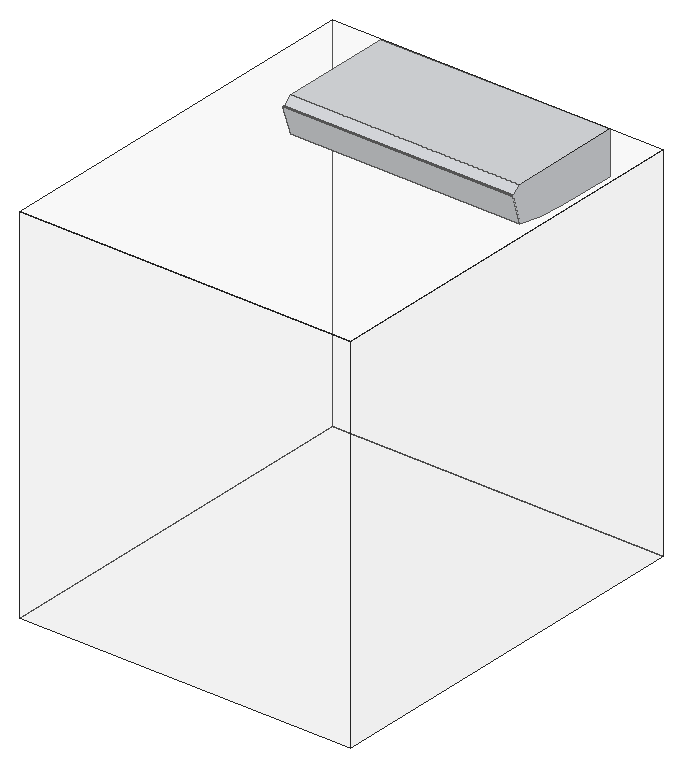
Revit family "pczg-p2_5mka13_50hz", category 機械設備, Revit 2019
Family settings
  丸型コネクタ寸法 = 直径を使用
  パーツ タイプ = 標準
  OmniClass 番号 = 23.75.10.24.21.27.27
  OmniClass タイトル = Split System Air Conditioning Units
  作業面ベース = いいえ
  常に垂直 = はい
  ロード時にボイドで切り取り = いいえ
  共有 = いいえ
  部屋計算ポイント = はい
Parameters (values of type "天吊_PCZG-P2MKA13")
  風量（弱）（m3／min） = 13
  風量（中2）（m3／min） = 14
  風量（中1）（m3／min） = 15
  風量（m3／min） = 17
  風量 = MAX風量  # 1020.0 m³/h
  音響パワーレベル（弱）(dB) = 49
  音響パワーレベル（中2）(dB) = 51
  音響パワーレベル（中1）(dB) = 53
  音響パワーレベル(dB) = 55
  電源種別 = ""
  電源_H = 0 mm
  電圧 = 200 V
  電動機出力_送風機 = 0.095 kW
  運転質量 = 0.00 kg
  連動 = ""
  質量 = if(製品質量 > 運転質量, 製品質量, 運転質量) * 1.2  # 37.20 kg
  負荷分類 = 3_ファン類
  説明 = "店舗・事務所用パッケージエアコン(Mr.SLIM) [本体] 天吊形室内機"
  設計暖房能力 = 0.00 kW
  設計冷房能力_顕熱 = 0 kW
  設計冷房能力 = 0 kW
  設置方法 = "天井吊形"
  記号 = ""
  製造元 = "三菱電機株式会社"
  製品質量 = 31.00 kg
  製品出荷対象 = "国内"
  製品リリース年月 = ""
  製品グループ = ""
  背面_液管接続口 = 184 mm
  背面_ドレン管接続口 = 233 mm
  背面_ガス管接続口 = 203 mm
  系統 = ""
  符号 = "ACP-CR"
  積算_科目 = "1 空気調和設備"
  積算_拾い区分 [instance] = ""
  相 = 1
  盤記号 = ""
  発停方法 = "付属スイッチ"
  特殊仕様 = ""
  点検口離隔 [instance] = if(点検口離隔入力値 > 200 mm, 200 mm, if(点検口離隔入力値 < 150 mm, 150 mm, 点検口離隔入力値))  # 150 mm
  点検口離隔入力値 [instance] = 0 mm
  点検口設置範囲 = 0 mm
  点検口 = yes
  火災停止 = ""
  消費電力_暖房 = 0.06 kW
  消費電力_冷房 = 0.07 kW
  消費電力 = if(消費電力_冷房 > 消費電力_暖房, 消費電力_冷房, 消費電力_暖房)  # 0.07 kW
  法定耐用年数 = "6"
  極数 = 1
  材質 = ""
  本体マテリアル = none
  有効加湿量 = 0
  暖房能力 = 5.60 kW
  推奨ブレーカー容量 = 15 A
  形式_加湿器 = ""
  形式 = "天井吊（露出）形"
  幹線記号 = ""
  始動方式 = "直入"
  呼称 = "室内機_天井吊(露出)形"
  周波数 = 50 Hz
  吊り位置Y = 320 mm
  吊り位置X = 1237 mm
  吊りボルト_H = 50 mm
  台数_手元リモコン = ""
  台数_冷媒分岐ユニット = ""
  参照している仕様書等のバージョン = "公共建築物標準仕様書（機械設備工事編）平成31年度版"
  加湿給水管径 = 0 mm
  分類コード = "50053003221080"
  分類グループ = ""
  冷房能力 = 4.9 kW
  冷媒高低圧ガス管径 = 0 mm
  冷媒管径符号 = "Ac"
  冷媒管径 = 100 mm
  冷媒液管高さ = 126 mm
  冷媒液管径 = 6.4 mm
  冷媒ガス管高さ = 126 mm
  冷媒ガス管径 = 12.7 mm
  価格 = 0
  企業コード = "108420"
  付属品_フィルター = ""
  付属品 = ""
  仕様書バージョン = "Version1.0"
  モデル = "PCZG-P2MKA13"
  パネルマテリアル = none
  ドレン管高さ = 190 mm
  ドレン管径 (外径) = 26 mm
  ドレン管径 = 20 mm
  サービススペース = yes
  コメント [instance] = ""
  ケーブル種類1 = ""
  ケーブルサイズ1 = 1.6 mm
  【値が 0 の項目は組合せ形名にてご確認ください】 = ""
  Width = 1280 mm
  Version = ""
  Uniclass2015Version = "Systems v1.9"
  Uniclass2015Title = "Split coil remote air cooled condensing units"
  Uniclass2015Code = "Pr_70_65_03_84"
  URL = "https://www.mitsubishielectric.co.jp/ldg/wink/ssl/displayProduct.do?pid=311374&ccd=20201061"
  SpecificationReference = ""
  SpecificationDescription = ""
  Revision = ""
  ProductInformation = ""
  OmniClassCode = "23-33 17 13 11"
  MIN風量 = 風量（弱）（m3／min） * 60.0 m³/h  # 780.0 m³/h
  MID風量2 = 風量（中2）（m3／min） * 60.0 m³/h  # 840.0 m³/h
  MID風量 = 風量（中1）（m3／min） * 60.0 m³/h  # 900.0 m³/h
  MAX風量 = 風量（m3／min） * 60.0 m³/h  # 1020.0 m³/h
  IfcTypeProduct = ""
  IfcProduct = ""
  IfcExportType = "AIRCONDITIONINGUNIT"
  IfcExportAs = "IfcUnitaryEquipmentType"
  Height_本体 = 230 mm
  Height = Height_本体 + 6 mm  # 236 mm
  Depth = 680 mm
  Clearance Top = 1 mm
  Clearance Right = 300 mm
  Clearance Left = 270 mm
  Clearance Front = 1500 mm
  Clearance Bottom = 1800 mm
  Clearance Back = 0 mm
  Author = "三菱電機株式会社"
Types (5, lengths in mm): name | 風量（弱）（m3／min） | 風量（中2）（m3／min） | 風量（中1）（m3／min） | 風量（m3／min） | 風量 | 音響パワーレベル（弱）(dB) | 音響パワーレベル（中2）(dB) | 音響パワーレベル（中1）(dB) | 音響パワーレベル(dB) | 電動機出力_送風機 | 質量 | 製品質量 | 背面_液管接続口 | 背面_ガス管接続口 | 消費電力_暖房 | 消費電力_冷房 | 消費電力 | 暖房能力 | 推奨ブレーカー容量 | 吊り位置X | 冷房能力 | 冷媒管径符号 | 冷媒液管径 | 冷媒ガス管径 | モデル | Width | URL | MIN風量 | MID風量2 | MID風量 | MAX風量
  (no name) | 13 | 14 | 15 | 17 | 1020.0 m³/h | 49 | 51 | 53 | 55 | 0.095 kW | 37.20 kg | 31.00 kg | 184 | 203 | 0.06 kW | 0.07 kW | 0.07 kW | 5.60 kW | 15 A | 1237 | 4.9 kW | "Ac" | 6.4 | 12.7 | "PCZG-P2MKA13" | 1280 | "https://www.mitsubishielectric.co.jp/ldg/wink/ssl/displayProduct.do?pid=311374&ccd=20201061" | 780.0 m³/h | 840.0 m³/h | 900.0 m³/h | 1020.0 m³/h
  天吊_PCZG-P3MKA13 | 26 | 28 | 32 | 35 | 2100.0 m³/h | 54 | 57 | 59 | 62 | 0.16 kW | 43.20 kg | 36.00 kg | 180 | 200 | 0.20 kW | 0.19 kW | 0.20 kW | 9.00 kW | 20 A | 1557 | 8 kW | "Bd" | 9.5 | 15.9 | "PCZG-P3MKA13" | 1600 | "https://www.mitsubishielectric.co.jp/ldg/wink/ssl/displayProduct.do?pid=311375&ccd=20201061" | 1560.0 m³/h | 1680.0 m³/h | 1920.0 m³/h | 2100.0 m³/h
  天吊_PCZG-P2MKA13 | 13 | 14 | 15 | 17 | 1020.0 m³/h | 49 | 51 | 53 | 55 | 0.095 kW | 37.20 kg | 31.00 kg | 184 | 203 | 0.06 kW | 0.07 kW | 0.07 kW | 5.60 kW | 15 A | 1237 | 4.9 kW | "Ac" | 6.4 | 12.7 | "PCZG-P2MKA13" | 1280 | "https://www.mitsubishielectric.co.jp/ldg/wink/ssl/displayProduct.do?pid=311374&ccd=20201061" | 780.0 m³/h | 840.0 m³/h | 900.0 m³/h | 1020.0 m³/h
  天吊_PCZG-P4MKA13 | 28 | 31 | 33 | 35 | 2100.0 m³/h | 58 | 59 | 62 | 64 | 0.16 kW | 45.60 kg | 38.00 kg | 180 | 200 | 0.22 kW | 0.21 kW | 0.22 kW | 11.20 kW | 30 A | 1557 | 10 kW | "Bd" | 9.5 | 15.9 | "PCZG-P4MKA13" | 1600 | "https://www.mitsubishielectric.co.jp/ldg/wink/ssl/displayProduct.do?pid=311376&ccd=20201061" | 1680.0 m³/h | 1860.0 m³/h | 1980.0 m³/h | 2100.0 m³/h
  天吊_PCZG-P5MKA13 | 28 | 31 | 33 | 35 | 2100.0 m³/h | 58 | 59 | 62 | 65 | 0.16 kW | 46.80 kg | 39.00 kg | 180 | 200 | 0.22 kW | 0.21 kW | 0.22 kW | 14.00 kW | 30 A | 1557 | 11.1 kW | "Bd" | 9.5 | 15.9 | "PCZG-P5MKA13" | 1600 | "https://www.mitsubishielectric.co.jp/ldg/wink/ssl/displayProduct.do?pid=311377&ccd=20201061" | 1680.0 m³/h | 1860.0 m³/h | 1980.0 m³/h | 2100.0 m³/h
Reference planes
  plane 1 "中心(正面/背面)": y = 0
  plane 2: z = 0
  plane 3 "中心(左/右)": x = 0
  plane 4: z = 236
  plane 5: y = 260
  plane 6: y = -60
  plane 7: y = 340
  plane 8: y = -340
  plane 9: x = -640
  plane 10: x = 640
  plane 11: x = -910
  plane 12: x = 940
  plane 13 "back": y = 340
  plane 14: y = -1840
  plane 15: z = 237
  plane 16: z = -1800
  plane 17: x = 554
  plane 18: x = 469
  plane 19: z = 110
  plane 20 "液管": y = 156
  plane 21: y = 340
  plane 22 "ガス管": y = 137
  plane 23 "ドレン管": y = 107
  plane 24: x = 502
  plane 25: z = 46
  plane 26: x = -565
  plane 27: x = 511.5
Forms (mm)
  Extrusion 1, solid, detail levels fine
    sketch origin (0, 156, 0) x (0, 0, -1) y (1, 0, 0)
      loop
        circle (-110, 469) r 3.175
    from 0 to 100
  Extrusion 2, solid, detail levels fine
    sketch origin (0, 137, 0) x (0, 0, -1) y (1, 0, 0)
      loop
        circle (-110, 554) r 6.35
    from 0 to 100
  Extrusion 3, solid, detail levels fine
    sketch origin (0, 107, 0) x (0, 0, -1) y (1, 0, 0)
      loop
        circle (-46, 502) r 13
    from 0 to 100
  Extrusion 4, solid, detail levels fine
    sketch origin (0, 107, 0) x (0, 0, -1) y (1, 0, 0)
      loop
        circle (-46, -565) r 13
    from 0 to 100
  Extrusion 5, solid, detail levels fine
    sketch origin (0, 137, 0) x (0, 0, -1) y (1, 0, 0)
      loop
        circle (-110, 511.5) r 50
    from 0 to 120
Dimensions and locks
  "吊り位置Y": plane 6 to plane 5
  equal spacing: plane 8, plane 1 "中心(正面/背面)", plane 7
  "Depth": plane 8 to plane 7
  equal spacing: plane 9, plane 3 "中心(左/右)", plane 10
  "Width": plane 9 to plane 10
  "Clearance Back": plane 7 to plane 13 "back"
  "Clearance Front": plane 14 to plane 8
  "Clearance Right": plane 10 to plane 12
  "Clearance Left": plane 11 to plane 9
  "Height": plane 4 to level
  locked: plane 5 to plane 7 at 80
  "Clearance Bottom": level to plane 16
  "Clearance Top": plane 15 to plane 4
  plane 10 to plane 9 = 1280 mm
  "背面_液管接続口": plane 20 "液管" to plane 21
  "背面_ガス管接続口": plane 22 "ガス管" to plane 21
  "背面_ドレン管接続口": plane 23 "ドレン管" to plane 21
  "冷媒ガス管高さ": plane 4 to plane 19
  "ドレン管高さ": plane 4 to plane 25
  plane 17 to plane 27 to plane 18 = 42.5 mm, 42.5 mm
  locked: plane 10 to plane 17 at 86
  locked: plane 17 to plane 18 at 85
  locked: plane 10 to plane 24 at 138
  locked: plane 26 to plane 9 at 75
  diameter of Extrusion 2 = 12.7 mm
  diameter of Extrusion 1 = 6.35 mm
  "ドレン管径 (外径)": diameter of Extrusion 3
  "ドレン管径 (外径)": diameter of Extrusion 4
  aligned and locked: level to plane 2
  aligned and locked: nested 2 to plane 5
  aligned and locked: plane 6 to nested 2
  aligned and locked: nested 1 to plane 11
  aligned and locked: nested 1 to plane 12
  aligned and locked: plane 14 to nested 1
  aligned and locked: plane 13 "back" to nested 1
  aligned and locked: plane 15 to nested 1
  aligned and locked: plane 1 "中心(正面/背面)" to nested 3
  aligned and locked: plane 3 "中心(左/右)" to nested 3
  aligned and locked: plane 16 to nested 1
  aligned and locked: Extrusion 1 to plane 20 "液管"
  aligned and locked: Extrusion 2 to plane 22 "ガス管"
  aligned and locked: Extrusion 3 to plane 23 "ドレン管"
  aligned and locked: Extrusion 4 to plane 23 "ドレン管"
Automatic sketch dimensions
  Extrusion 1 sketch curve to plane 18 = 0 mm
  Extrusion 1 sketch curve to plane 19 = 0 mm
  Extrusion 2 sketch curve to plane 17 = 0 mm
  Extrusion 2 sketch curve to plane 19 = 0 mm
  Extrusion 3 sketch curve to plane 24 = 0 mm
  Extrusion 3 sketch curve to plane 25 = 0 mm
  Extrusion 4 sketch curve to plane 25 = 0 mm
  Extrusion 4 sketch curve to plane 26 = 0 mm
  Extrusion 5 sketch curve to plane 19 = 0 mm
  Extrusion 5 sketch curve to plane 27 = 0 mm
  radius of Extrusion 1 sketch curve = 3.175 mm
  radius of Extrusion 2 sketch curve = 6.35 mm
  radius of Extrusion 3 sketch curve = 13 mm
  radius of Extrusion 4 sketch curve = 13 mm
  radius of Extrusion 5 sketch curve = 50 mm
Nested families
  nested 1: "サービススペース" at (15, -750, -781.5), visible <- "サービススペース", type "サービススペース"
    with Width 1850 mm, Height 2037 mm, Depth 2180 mm
  nested 2: "固定点" at (-458.5, -60, 0), type "固定点"
    with W 917 mm, D 320 mm
  nested 3: "PCFY-P-KMG" at (0, 0, 0), type "PCFY-P-KMG", detail levels fine
    with 冷媒配管サイズ 6.4 mm, 吊りボルト-W 1237 mm, 幅さ 1280 mm
Connectors
  electrical at (356, 339, 206), driven by "極数", driven by "負荷分類", driven by "電圧", driven by "消費電力"
    settings: on nested 3, index 1, voltage 200 V, apparent load 70 VA, apparent load phase1 0 VA, apparent load phase2 0 VA, apparent load phase3 0 VA, power factor 1, load classification "3_ファン類", number of poles 1, system type 30, power factor state 1, is connector primary yes, connector utility no, sub classification motor no, connector description ""
  piping at (511.5, 137, 110), diameter 100, driven by "冷媒管径"
    settings: on Extrusion 5, index 2, connector inside diameter 609.6 mm, connector length 0 mm, flow factor 0, pipe flow 0.0 L/s, pressure drop 0.0 Pa, fitting loss kfactor 0, connector angle 0.00°, fixture units 0, engagement length 0 mm, angle of deflection 0.00°, flow configuration 1, flow direction 1, fitting loss method 4, system type 7, joint type 0, gender type 0, connector reference index -1, connector utility 0, adjustable connector no, is connector primary yes, connector description "冷媒管"
  piping at (502, 107, 46), diameter 20, driven by "ドレン管径"
    settings: on Extrusion 3, index 3, connector inside diameter 609.6 mm, connector length 0 mm, flow factor 0, pipe flow 0.0 L/s, pressure drop 0.0 Pa, fitting loss kfactor 0, connector angle 0.00°, fixture units 0, engagement length 0 mm, angle of deflection 0.00°, flow configuration 1, flow direction 2, fitting loss method 0, system type 16, joint type 0, gender type 0, connector reference index -1, connector utility 0, adjustable connector no, is connector primary no, connector description "ドレン管1"
  piping at (-565, 107, 46), diameter 20, driven by "ドレン管径"
    settings: on Extrusion 4, index 4, connector inside diameter 609.6 mm, connector length 0 mm, flow factor 0, pipe flow 0.0 L/s, pressure drop 0.0 Pa, fitting loss kfactor 0, connector angle 0.00°, fixture units 0, engagement length 0 mm, angle of deflection 0.00°, flow configuration 1, flow direction 2, fitting loss method 0, system type 16, joint type 0, gender type 0, connector reference index -1, connector utility 0, adjustable connector no, is connector primary no, connector description "ドレン管2"
Definition of nested family "サービススペース"
  Parameters (values of type "サービススペース")
    Width [instance] = 500 mm
    Height [instance] = 500 mm
    Depth [instance] = 500 mm
  Reference planes
    plane 1 "中心(正面/背面)": y = 0
    plane 2: z = 0
    plane 3 "中心(左/右)": x = 0
    plane 4: y = -250
    plane 5: x = 250
    plane 6: y = 250
    plane 7: x = -250
    plane 8: z = 250
    plane 9: z = -250
  Forms (mm)
    Extrusion 1, solid
      sketch origin (-638.939, 0, 72.39) x (1, 0, 0) y (0, 1, 0)
        loop
          line (388.939, 250) -> (388.939, -250) -> (888.939, -250) -> (888.939, 250) -> (388.939, 250)
      from -322.39 to 177.61
  Lines and regions (mm)
    symbolic lines
      curve 1: line (-250, 0, 250) -> (250, 0, 250)
      curve 2: line (-250, 0, -250) -> (-250, 0, 250)
      curve 3: line (250, 0, -250) -> (-250, 0, -250)
      curve 4: line (250, 0, 250) -> (250, 0, -250)
      curve 5: line (0, -250, 250) -> (0, 250, 250)
      curve 6: line (0, -250, -250) -> (0, -250, 250)
      curve 7: line (0, 250, -250) -> (0, -250, -250)
      curve 8: line (0, 250, 250) -> (0, 250, -250)
      curve 9: line (-250, 250, 0) -> (250, 250, 0)
      curve 10: line (-250, -250, 0) -> (-250, 250, 0)
      curve 11: line (250, -250, 0) -> (-250, -250, 0)
      curve 12: line (250, 250, 0) -> (250, -250, 0)
  Dimensions and locks
    equal spacing: plane 7, plane 3 "中心(左/右)", plane 5
    equal spacing: plane 4, plane 1 "中心(正面/背面)", plane 6
    "Depth": plane 4 to plane 6
    "Width": plane 7 to plane 5
    equal spacing: plane 8, plane 2, plane 9
    "Height": plane 8 to plane 9
    aligned and locked: plane 9 to curve 3
    aligned and locked: plane 7 to curve 2
    aligned and locked: curve 4 to plane 5
    aligned and locked: plane 5 to Extrusion 1
    aligned and locked: Extrusion 1 to plane 7
    aligned and locked: Extrusion 1 to plane 9
    aligned and locked: plane 8 to Extrusion 1
    aligned and locked: plane 9 to curve 7
  Automatic sketch dimensions
    plane 4 to Extrusion 1 sketch curve = 0 mm
    Extrusion 1 sketch curve to plane 7 = 0 mm
    Extrusion 1 sketch curve to plane 5 = 0 mm
    plane 6 to Extrusion 1 sketch curve = 0 mm
    curve 2 to plane 8 = 0 mm
    plane 4 to curve 11 = 0 mm
    curve 11 to plane 7 = 0 mm
    curve 11 to plane 5 = 0 mm
    plane 6 to curve 10 = 0 mm
    curve 7 to plane 4 = 0 mm
    curve 7 to plane 6 = 0 mm
    curve 6 to plane 8 = 0 mm
Definition of nested family "PCFY-P-KMG"
  Parameters (values of type "PCFY-P-KMG")
    配線取出口サイズ = 22 mm
    配線取出口-Z = 0 mm
    配線取出口-Y = 0 mm
    配線取出口-X = 0 mm
    液配管サイズ = 100 mm
    高さ = 236 mm
    奥行き = 680 mm
    吊りボルト_H = 50 mm
    冷媒配管サイズ = 6.35 mm
    冷媒液管径-Z = 0 mm
    冷媒液管径-Y = 0 mm
    冷媒液管径-X = 0 mm
    冷媒ガス管径-Z = 0 mm
    冷媒ガス管径-Y = 0 mm
    冷媒ガス管径-X = 0 mm
    吊りボルト-W = 917 mm
    マテリアル = none
    ドレン配管サイズ = 26 mm
    ドレン管径-Z = 0 mm
    ドレン管径-Y = 0 mm
    ドレン管径-X = 0 mm
    ガス配管サイズ = 12.7 mm
    吊りボルト-D = 320 mm
    幅さ = 960 mm
  Reference planes
    plane 1 "中心(正面/背面)": y = 0
    plane 2: z = 0
    plane 3 "中心(左/右)": x = 0
    plane 4: z = 236
    plane 5: x = -480
    plane 6: x = 480
    plane 7: y = 340
    plane 8: y = -340
    plane 9: y = -289
    plane 10: y = -330
    plane 11: y = -335
    plane 12: z = 84
    plane 13: z = 172
    plane 14: z = 195
    plane 15: z = 200
    plane 16: z = 40
    plane 17: x = -426.5
    plane 18: x = 426.5
    plane 19: y = -136
    plane 20: y = -193
    plane 21: y = 86
    plane 22: z = 110
    plane 23: x = -469
    plane 24: y = 156
    plane 25: y = 137
    plane 26: y = 94
    plane 27: x = -158
    plane 28: z = 206
    plane 29: x = 196
    plane 30: x = 158
    plane 31: y = 140
  Forms (mm)
    Extrusion 1, solid, material <- "マテリアル"
      sketch origin (480, 1296.25, 1200) x (0, 1, 0) y (0, 0, 1)
        loop
          line (-1585.25, -964) -> (-1626.25, -1000) -> (-1631.25, -1000) -> (-1636.25, -1005) -> (-1585.25, -1160)
          arc (-1585.25, -1160) -> (-1442.128, -1189.953) -> (-1296.25, -1200) r 1064.013
          line (-1296.25, -1200) -> (-956.25, -1200) -> (-956.25, -964) -> (-1585.25, -964)
      from -960 to 0
    Extrusion 2, solid, material <- "マテリアル"
      sketch origin (674, 0, 0) x (1, 0, 0) y (0, 0, 1)
        loop
          circle (-478, 206) r 11
      from -339 to -340
    Extrusion 3, solid, material <- "マテリアル"
      sketch origin (636, 0, 0) x (1, 0, 0) y (0, 0, 1)
        loop
          circle (-478, 206) r 11
      from -339 to -340
    Extrusion 4, solid, material <- "マテリアル"
      sketch origin (674, 0, -169) x (1, 0, 0) y (0, 0, 1)
        loop
          circle (-478, 206) r 11
      from -339 to -340
    Extrusion 5, solid, material <- "マテリアル"
      sketch origin (636, 0, -169) x (1, 0, 0) y (0, 0, 1)
        loop
          circle (-478, 206) r 11
      from -339 to -340
  Lines and regions (mm)
    model lines
      curve 1: line (426.5, -303.59, 84.341) -> (426.5, -332.355, 171.766)
      curve 2: line (426.5, -332.355, 171.766) -> (-426.5, -332.355, 171.766)
      curve 3: line (-426.5, -303.59, 84.341) -> (426.5, -303.59, 84.341)
      curve 4: line (-426.5, -332.355, 171.766) -> (-426.5, -303.59, 84.341)
      curve 5: line (-426.5, 310, 0) -> (-426.5, 86, 0)
      curve 6: line (426.5, 310, 0) -> (426.5, 86, 0)
      curve 7: line (426.5, 310, 0) -> (-426.5, 310, 0)
      curve 8: line (426.5, 86, 0) -> (-426.5, 86, 0)
      curve 9: line (426.5, 294, 0) -> (-426.5, 294, 0)
      curve 10: line (426.5, 278, 0) -> (-426.5, 278, 0)
      curve 11: line (426.5, 262, 0) -> (-426.5, 262, 0)
      curve 12: line (426.5, 246, 0) -> (-426.5, 246, 0)
      curve 13: line (426.5, 230, 0) -> (-426.5, 230, 0)
      curve 14: line (426.5, 214, 0) -> (-426.5, 214, 0)
      curve 15: line (426.5, 198, 0) -> (-426.5, 198, 0)
      curve 16: line (426.5, 182, 0) -> (-426.5, 182, 0)
      curve 17: line (426.5, 166, 0) -> (-426.5, 166, 0)
      curve 18: line (426.5, 150, 0) -> (-426.5, 150, 0)
      curve 19: line (426.5, 134, 0) -> (-426.5, 134, 0)
      curve 20: line (426.5, 118, 0) -> (-426.5, 118, 0)
      curve 21: line (426.5, 102, 0) -> (-426.5, 102, 0)
  Dimensions and locks
    equal spacing: plane 8, plane 1 "中心(正面/背面)", plane 7
    "奥行き": plane 8 to plane 7
    equal spacing: plane 5, plane 3 "中心(左/右)", plane 6
    "幅さ": plane 5 to plane 6
    "高さ": plane 4 to level
    locked: plane 8 to plane 11 at 5
    locked: plane 8 to plane 10 at 10
    locked: plane 8 to plane 9 at 51
    locked: plane 12 to level at 84
    locked: plane 14 to level at 195
    locked: plane 15 to level at 200
    locked: plane 16 to level at 40
    plane 17 to plane 18 = 853 mm
    locked: plane 5 to plane 17 at 53.5
    locked: plane 18 to plane 6 at 53.5
    locked: plane 13 to plane 12 at 88
    locked: plane 20 to plane 19 at 57
    locked: plane 19 to plane 7 at 476
    locked: plane 21 to plane 7 at 254
    locked: plane 4 to plane 22 at 126
    locked: plane 26 to plane 7 at 246
    locked: plane 24 to plane 7 at 184
    locked: plane 25 to plane 7 at 203
    locked: plane 5 to plane 27 at 322
    locked: plane 4 to plane 28 at 30
    plane 6 to plane 29 = 284 mm
    plane 29 to plane 30 = 38 mm
    "配線取出口サイズ": diameter of Extrusion 2 sketch curve
    "配線取出口サイズ": diameter of Extrusion 3 sketch curve
    "配線取出口サイズ": diameter of Extrusion 4 sketch curve
    "配線取出口サイズ": diameter of Extrusion 5 sketch curve
    aligned and locked: level to plane 2
    aligned and locked: Extrusion 1 sketch curve to plane 4
    aligned and locked: Extrusion 1 sketch curve to plane 7
    aligned and locked: Extrusion 1 sketch curve to level
    aligned and locked: plane 15 to Extrusion 1 sketch curve
    aligned and locked: plane 14 to Extrusion 1 sketch curve
    aligned and locked: plane 16 to Extrusion 1 sketch curve
    aligned and locked: Extrusion 1 to plane 5
    aligned and locked: plane 6 to Extrusion 1
    aligned and locked: curve 4 to plane 17
    aligned and locked: plane 18 to curve 1
    aligned and locked: curve 5 to plane 17
    aligned and locked: curve 6 to plane 18
    aligned and locked: curve 8 to plane 21
    aligned and locked: plane 28 to Extrusion 2 sketch curve
    aligned and locked: plane 7 to Extrusion 2
  Automatic sketch dimensions
    plane 7 to curve 7 = 30 mm
    curve 21 to plane 26 = 8 mm
    curve 21 to curve 20 = 16 mm
    plane 25 to curve 19 = 3 mm
    plane 24 to curve 18 = 6 mm
    curve 17 to plane 24 = 10 mm
    curve 17 to curve 16 = 16 mm
    curve 16 to curve 15 = 16 mm
    curve 15 to curve 14 = 16 mm
    curve 14 to curve 13 = 16 mm
    curve 13 to curve 12 = 16 mm
    curve 12 to curve 11 = 16 mm
    curve 11 to curve 10 = 16 mm
    curve 10 to curve 9 = 16 mm
    Extrusion 1 sketch curve to plane 8 = 0 mm
    Extrusion 1 sketch curve to plane 11 = 0 mm
    Extrusion 1 sketch curve to plane 10 = 0 mm
    Extrusion 1 sketch curve to plane 9 = 0 mm  (x2)
    Extrusion 1 sketch curve to plane 1 "中心(正面/背面)" = 0 mm
    Extrusion 1 to curve 1 = 24.459 mm
    curve 3 to Extrusion 1 = 46.68 mm
    Extrusion 1 to curve 4 = 53.5 mm
    Extrusion 1 to curve 3 = 53.5 mm
    Extrusion 2 sketch curve to plane 29 = 0 mm
    Extrusion 3 sketch curve to plane 28 = 0 mm
    Extrusion 3 sketch curve to plane 30 = 0 mm
    Extrusion 4 sketch curve to plane 29 = 0 mm
    Extrusion 4 sketch curve to plane 16 = 3 mm
    Extrusion 5 sketch curve to plane 30 = 0 mm
    Extrusion 5 sketch curve to plane 16 = 3 mm
Definition of nested family "固定点"
  Parameters (values of type "固定点")
    中心円 = 20 mm
    W [instance] = 1000 mm
    D [instance] = 1000 mm
  Reference planes
    plane 1 "中心(正面/背面)": y = 0
    plane 2: z = 0
    plane 3 "中心(左/右)": x = 0
    plane 4: x = 1000
    plane 5: y = 1000
  Lines and regions (mm)
    symbolic lines, detail levels fine
      curve 1: circle (0, 1000, 0) r 10 normal (0, 0, 1)
      curve 2: circle (0, 0, 0) r 10 normal (0, 0, 1)
      curve 3: circle (1000, 1000, 0) r 10 normal (0, 0, 1)
      curve 4: circle (1000, 0, 0) r 10 normal (0, 0, 1)
      curve 5: line (-200, 1000, 0) -> (1200, 1000, 0)
      curve 6: line (-200, 0, 0) -> (1200, 0, 0)
      curve 7: line (0, 1200, 0) -> (0, -200, 0)
      curve 8: line (1000, 1200, 0) -> (1000, -200, 0)
  Dimensions and locks
    "W": plane 3 "中心(左/右)" to plane 4
    "D": plane 1 "中心(正面/背面)" to plane 5
    "中心円": diameter of curve 1
    "中心円": diameter of curve 2
    "中心円": diameter of curve 3
    "中心円": diameter of curve 4
    aligned and locked: level to plane 2
    aligned and locked: plane 5 to curve 1
    aligned and locked: plane 3 "中心(左/右)" to curve 1
    aligned and locked: plane 3 "中心(左/右)" to curve 2
    aligned and locked: plane 1 "中心(正面/背面)" to curve 2
    aligned and locked: plane 4 to curve 3
    aligned and locked: plane 5 to curve 3
    aligned and locked: plane 1 "中心(正面/背面)" to curve 4
    aligned and locked: plane 4 to curve 4
    aligned and locked: plane 1 "中心(正面/背面)" to curve 6
    aligned and locked: curve 7 to plane 3 "中心(左/右)"
    aligned and locked: curve 8 to plane 4
  Automatic sketch dimensions
    curve 5 to plane 5 = 0 mm
    curve 6 to plane 3 "中心(左/右)" = 200 mm
    curve 5 to plane 3 "中心(左/右)" = 200 mm
    curve 4 to curve 6 = 200 mm
    curve 3 to curve 5 = 200 mm
    plane 1 "中心(正面/背面)" to curve 8 = 200 mm
    plane 1 "中心(正面/背面)" to curve 7 = 200 mm
    curve 3 to curve 8 = 200 mm
    curve 1 to curve 7 = 200 mm
